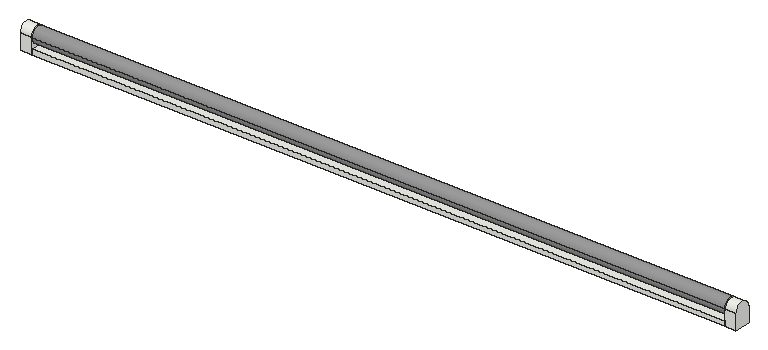
Revit family "M_Luz indireta - Listra", category Luminárias, Revit 2019
Family settings
  Cota do conector redondo = Utilizar diâmetro
  Tipo de parte = Normal
  Número OmniClass = 23.80.70.11.14.14
  Título OmniClass = Uplights
  ID de item do Seek = Uplight - Strip-0000-CAN-ENU
  Com base no plano de trabalho = Não
  Sempre na vertical = Sim
  Corte com vazios quando carregada = Não
  Fonte luminosa = Sim
  Compartilhado = Não
  Ponto de cálculo do ambiente = Não
Parameters (values of type "1200mm - 277V")
  Wattage = 40 W
  built-in parameter 1150110 = 1 (stored number, unit not read)
  built-in parameter 1114217 = 0.88 (stored number, unit not read)
  built-in parameter 1150109 = 1 (stored number, unit not read)
  built-in parameter 1150134 = 8
  built-in parameter 1150113 = 1 (stored number, unit not read)
  Tilt Angle = -90.00°
  Arquivo de rede fotométrica = "DS1T12.IES"
  built-in parameter 1150115 = 1 (stored number, unit not read)
  built-in parameter 1150105 = 250.67 (stored number, unit not read)
  Classificação de carga = Iluminação - Unidade de interrupção
  built-in parameter 1150137 = 1
  built-in parameter 1150139 = (empty or 0)
  built-in parameter 1150112 = 1 (stored number, unit not read)
  built-in parameter 1150114 = 1 (stored number, unit not read)
  built-in parameter 1150132 = (empty or 0)
  built-in parameter 1150102 = (empty or 0)
  built-in parameter 1150138 = (empty or 0)
  built-in parameter 1150107 = 4230 (stored number, unit not read)
  built-in parameter 1150106 = 2.5067 (stored number, unit not read)
  Emitir do comprimento da linha = Comprimento da luz - 38 mm  # 1162 mm
  built-in parameter 1150104 = 7.3161 (stored number, unit not read)
  Dimming Lamp Color Temperature Shift = (empty or 0)
  Color Filter = 16777215
  Voltagem do transformador = 277 V
  Transformador por número de postes = 1
  built-in parameter 1114218 = 0.88 (stored number, unit not read)
  built-in parameter 1150133 = 10 (stored number, unit not read)
  Código de montagem = "D5020210"
  Lâmpada = "T-12"
  Comprimento da luz = 1200 mm
  Elevação da luz = 1500 mm
  Lumens = 3150 lm
  Comentários de voltagem = "40"
  Carga aparente = 40 VA
Types (5, lengths in mm): name | Wattage | Arquivo de rede fotométrica | built-in parameter 1150105 | built-in parameter 1150106 | Emitir do comprimento da linha | built-in parameter 1150104 | Voltagem do transformador | Lâmpada | Comprimento da luz | Lumens | Comentários de voltagem | Carga aparente
  (no name) | 40 W | "DS1T12.IES" | 250.67 (stored number, unit not read) | 2.5067 (stored number, unit not read) | 1162 | 7.3161 (stored number, unit not read) | 277 V | "T-12" | 1200 | 3150 lm | "40" | 40 VA
  1200mm - 120V | 40 W | "DS1T12.IES" | 250.67 (stored number, unit not read) | 2.5067 (stored number, unit not read) | 1162 | 7.3161 (stored number, unit not read) | 120 V | "T-12" | 1200 | 3150 lm | "40" | 40 VA
  0600mm - 120V | 17 W | "DS1T8.IES" | 107.43 (stored number, unit not read) | 1.0743 (stored number, unit not read) | 562 | 7.3774 (stored number, unit not read) | 120 V | "T-8" | 600 | 1349.97 lm | "17" | 17 VA
  0600mm - 277V | 17 W | "DS1T8.IES" | 107.43 (stored number, unit not read) | 1.0743 (stored number, unit not read) | 562 | 7.3774 (stored number, unit not read) | 277 V | "T-8" | 600 | 1349.97 lm | "17" | 17 VA
  1200mm - 277V | 40 W | "DS1T12.IES" | 250.67 (stored number, unit not read) | 2.5067 (stored number, unit not read) | 1162 | 7.3161 (stored number, unit not read) | 277 V | "T-12" | 1200 | 3150 lm | "40" | 40 VA
Reference planes
  plane 1 "Eixo de origem da luz": y = 0
  plane 2: z = 0
  plane 3 "Eixo de origem da luz": x = 0
  plane 4 "Elevação da origem da luz": z = 1525.4
  plane 5: x = -600
  plane 6: x = 600
  plane 7: x = 580.95
  plane 8: x = -580.95
  plane 9: z = 1500
Forms (mm)
  Sweep 1, solid, material "Vidro, Branco, Alta Luminosidade"
    path origin (0, 0, 1525.4) x (0, -1, 0) y (1, 0, 0)
      loop
        line (0, -580.95) -> (0, 580.95)
    profile origin (0, 0, 1371.6) x (0, 1, 0) y (0, 0, 1)
      loop
        circle (0, 153.8) r 12.7
  Extrusion 2, solid, material "Aço, acabamento de pintura, marfim, com brilho"
    sketch origin (-580.95, 0, 1666.5) x (0, 0, 1) y (0, 1, 0)
      loop
        line (-166.5, 12.7) -> (-166.5, -12.7) -> (-141.1, -12.7)
        arc (-141.1, -12.7) -> (-128.4, 0) -> (-141.1, 12.7) r 12.7
        line (-141.1, 12.7) -> (-166.5, 12.7)
    from 0 to 19.05
  Extrusion 3, solid, material "Aço, acabamento de pintura, marfim, com brilho"
    sketch origin (580.95, 0, 1512.7) x (0, 1, 0) y (0, 0, 1)
      loop
        line (-12.7, -12.7) -> (12.7, -12.7) -> (12.7, 12.7)
        arc (12.7, 12.7) -> (0, 25.4) -> (-12.7, 12.7) r 12.7
        line (-12.7, 12.7) -> (-12.7, -12.7)
    from 0 to 19.05
  Extrusion 4, solid, material "Aço, acabamento de pintura, marfim, com brilho"
    sketch origin (600, 0, 1512.7) x (0, 1, 0) y (0, 0, 1)
      loop
        line (12.7, -12.7) -> (12.7, -4.031) -> (-12.7, -4.031) -> (-12.7, -12.7) -> (12.7, -12.7)
    from -1180.95 to -19.05
Lines and regions (mm)
  symbolic lines
    curve 1: line (600, 12.7, 0) -> (-600, 12.7, 0)
    curve 2: line (600, -12.7, 0) -> (600, 12.7, 0)
    curve 3: line (-600, -12.7, 0) -> (600, -12.7, 0)
    curve 4: line (-600, 12.7, 0) -> (-600, -12.7, 0)
Dimensions and locks
  equal spacing: plane 5, plane 3 "Eixo de origem da luz", plane 6
  "Comprimento da luz": plane 5 to plane 6
  locked: plane 5 to plane 8 at 19.05
  locked: plane 7 to plane 6 at 19.05
  locked: plane 4 "Elevação da origem da luz" to plane 9 at 25.4
  "Elevação da luz": plane 9 to plane 2
  aligned and locked: plane 8 to Sweep 1 sketch curve
  aligned and locked: plane 7 to Sweep 1 sketch curve
  aligned and locked: Extrusion 2 to Sweep 1
  aligned and locked: Extrusion 3 sketch curve to Sweep 1
  aligned and locked: Extrusion 3 to Sweep 1
  aligned and locked: Extrusion 3 to plane 6
  aligned and locked: Extrusion 4 sketch curve to Extrusion 2  (x3)
  aligned and locked: Extrusion 4 to Sweep 1
  aligned and locked: curve 1 to plane 6
  aligned and locked: curve 4 to Extrusion 2  (x2)
  aligned and locked: plane 9 to Extrusion 2
  aligned and locked: Extrusion 2 to plane 5
  aligned and locked: plane 8 to Extrusion 4
  aligned and locked: plane 3 "Eixo de origem da luz" to imposter light
  aligned and locked: plane 1 "Eixo de origem da luz" to imposter light
  aligned and locked: plane 4 "Elevação da origem da luz" to imposter light
Automatic sketch dimensions
  Sweep 1 sketch curve to plane 4 "Elevação da origem da luz" = 0 mm
  Sweep 1 sketch curve to profile plane = 0 mm
  profile plane to Sweep 1 sketch curve = 12.7 mm
  Sweep 1 sketch curve to plane 1 "Eixo de origem da luz" = 0 mm
  Extrusion 2 sketch curve to plane 1 "Eixo de origem da luz" = 0 mm
  Extrusion 2 sketch curve to plane 4 "Elevação da origem da luz" = 0 mm
  Extrusion 2 sketch curve to Extrusion 2 sketch curve = 25.4 mm
  plane 1 "Eixo de origem da luz" to Extrusion 2 sketch curve = 12.7 mm
  Extrusion 3 sketch curve to Extrusion 3 sketch curve = 25.4 mm
  Extrusion 4 sketch curve to Extrusion 4 sketch curve = 8.669 mm
  curve 4 to plane 1 "Eixo de origem da luz" = 12.7 mm
Connectors
  electrical at (0, 0, 1500), driven by "Carga aparente", driven by "Voltagem do transformador", driven by "Transformador por número de postes", driven by "Classificação de carga"
    settings: on Extrusion 4, index 1, voltage 277 V, apparent load 0 VA, apparent load phase1 40 VA, apparent load phase2 0 VA, apparent load phase3 0 VA, power factor 0.95, load classification "Iluminação - Unidade de interrupção", number of poles 1, system type 31, power factor state 1, is connector primary yes, connector utility no, sub classification motor no, connector description ""
